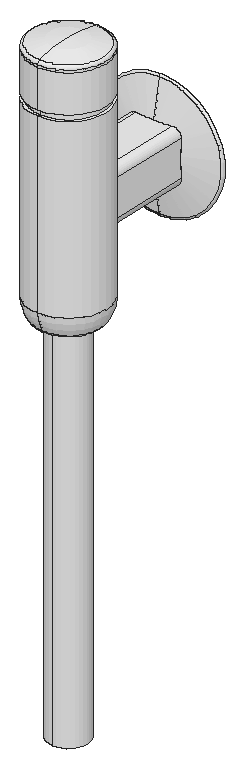
Revit family "PRD_FrankeWS_UrnlFlshngVlvs_SelfClosingUrinalFlushValve_AQRM460", category Plumbing Fixtures, Revit 2018
Family settings
  Round Connector Dimension = Use Diameter
  Part Type = Normal
  OmniClass Number = 23.45.05.14.99
  OmniClass Title = Other Sanitary Washing Plumbing Fixtures
  Work Plane-Based = No
  Always vertical = Yes
  Cut with Voids When Loaded = No
  Shared = No
  Room Calculation Point = No
Parameters (values of type "AQRM460")
  WarrantyStartDate [instance] = "1900-12-31T23:59:59"
  WarrantyGuarantorParts = "n/a"
  WarrantyGuarantorLabor = "n/a"
  WarrantyDurationUnit = "year"
  WarrantyDurationParts = "n/a"
  WarrantyDurationLabor = "n/a"
  WarrantyDescription = "n/a"
  Version = "1"
  Uniclass2015Version = "Products v1.7"
  Uniclass2015Title = "Urinal flushing valves"
  Uniclass2015Code = "Pr_40_20_93_79"
  URL = "www.kwc.com"
  ThirdPartyCertification = "n/a"
  TagNumber [instance] = "n/a"
  SustainabilityPerformance = "n/a"
  Standard = "n/a"
  Size = "n/a"
  Shape = "n/a"
  SerialNumber [instance] = "n/a"
  Revision = "n/a"
  ReplacementCost = "n/a"
  ProductInformation = "https://pim.kwc.com/product/2000065995/attachment/datasheet?locale=en"
  OperatingControl = "Push"
  NominalWidth = 0 mm
  NominalLength = 0 mm
  NominalHeight = 0 mm
  NetWeight = 0.60 kg
  Name = "Urinal flush valve AQRM460"
  NBSTypeID = "n/a"
  NBSReference = "45-35-70/355"
  NBSOfficeMasterTag = "n/a"
  NBSNote = "n/a"
  NBSDescription = "Urinal flushing valves"
  NBSCertification = "n/a"
  ModelReference = "AQRM460"
  ModelNumber = "2000065995"
  Model = ModelReference  # "AQRM460"
  MaterialsFinishAndColour = "n/a"
  MaterialsBody = "n/a"
  Material = "n/a"
  ManufacturerURL = "www.kwc.com"
  ManufacturerName = "KWC Group AG"  # constant formula
  Manufacturer = ManufacturerName  # "KWC Group AG"
  IsHighPressure = no
  IntegralAccessories = "n/a"
  InstallationDate [instance] = "1900-12-31T23:59:59"
  IfcExportType = "FLUSHING"
  IfcExportAs = "IfcValveType"
  HasIntegralShutOffDevice = yes
  GrossWeight = 0.65 kg
  Grade = "n/a"
  FlushingRate = 0.0 L/s
  FlushVolume = "n/a"
  FlushValveMaterial = PRD_AR_ChromatedBrass_HighPolished
  Finish = "n/a"
  Features = "n/a"
  ExpectedLife = "n/a"
  DurationUnit = "year"
  Description = "AQUALINE urinal flush valve DN 15 for surface installation, flushing quantity and volume flow adjustable, with lockable water quantity regulator, inlet pipe and connector, polished chromium-plated brass, push cap and screw fitting in chromium-plated plastic."
  Constituents = "n/a"
  Color = "Chrome"
  CodePerformance = "n/a"
  Category = "Pr_40_20_93_79, Urinal flushing valves"
  BarCode [instance] = "n/a"
  BIMObjectName = "PRD_AR_UrinalFlushingValves_SelfClosingUrinalFlushValve_AQRM460"
  Author = "Archispace"  # constant formula
  AssetType = "Fixed"
  AssetIdentifier [instance] = "n/a"
  AccessibilityPerformance = "n/a"
Reference planes
  plane 1 "Center (Front/Back)": y = 0
  plane 2: z = 0
  plane 3 "Center (Left/Right)": x = 0
Forms (mm)
  Revolve 1, solid, material "PRD_AR_ChromatedBrass_HighPolished" <- "FlushValveMaterial", detail levels fine
    sketch origin (0, 0, 0) x (0, 1, 0) y (0, 0, 1)
      loop
        arc (-38.151, 67.286) -> (-46.489, 69.093) -> (-55, 69.7) r 60
        line (-55, 69.7) -> (-55, -227) -> (-46, -227) -> (-46, -49) -> (-40.779, -49)
        arc (-40.779, -49) -> (-40.305, -48.88) -> (-39.944, -48.55) r 1
        arc (-39.944, -48.55) -> (-37.863, -44.223) -> (-37, -39.5) r 18
        line (-37, -39.5) -> (-37, 44) -> (-38.5, 44) -> (-38.5, 46.7) -> (-37, 46.7) -> (-37, 64.7) -> (-37, 65.75)
        arc (-37, 65.75) -> (-37.32, 66.709) -> (-38.151, 67.286) r 1.6
      axis (-55, -227) -> (-55, 69.7)
    angle from 0 to 360
  Revolve 2, solid, material "PRD_AR_ChromatedBrass_HighPolished" <- "FlushValveMaterial", detail levels fine
    sketch origin (0, 0, 0) x (0, 1, 0) y (0, 0, 1)
      loop
        arc (0, 30) -> (-0.625, 29.781) -> (-0.976, 29.219) r 1
        line (-0.976, 29.219) -> (-5, 11.283) -> (-5, 0) -> (0, 0) -> (0, 30)
      axis (-5, 0) -> (0, 0)
    angle from 0 to 360
  Extrusion 3, solid, material "PRD_AR_ChromatedBrass_HighPolished" <- "FlushValveMaterial", detail levels fine
    sketch origin (0, 0, 0) x (1, 0, 0) y (0, 0, 1)
      loop
        arc (-8.5, 12.5) -> (-11.328, 11.328) -> (-12.5, 8.5) r 4
        line (-12.5, 8.5) -> (-12.5, -8.5)
        arc (-12.5, -8.5) -> (-11.328, -11.328) -> (-8.5, -12.5) r 4
        line (-8.5, -12.5) -> (8.5, -12.5)
        arc (8.5, -12.5) -> (11.328, -11.328) -> (12.5, -8.5) r 4
        line (12.5, -8.5) -> (12.5, 8.5)
        arc (12.5, 8.5) -> (11.328, 11.328) -> (8.5, 12.5) r 4
        line (8.5, 12.5) -> (-8.5, 12.5)
    from 0 to 56.435
  Revolve 4, solid, material "PRD_AR_ChromatedBrass_HighPolished" <- "FlushValveMaterial", detail levels coarse+medium
    sketch origin (0, 0, 0) x (0, 1, 0) y (0, 0, 1)
      loop
        line (-46, -49) -> (-37, -49) -> (-37, 69.7) -> (-55, 69.7) -> (-55, -227) -> (-46, -227) -> (-46, -49)
      axis (-55, -227) -> (-55, 69.7)
    angle from 0 to 360
  Extrusion 5, solid, material "PRD_AR_ChromatedBrass_HighPolished" <- "FlushValveMaterial", detail levels coarse+medium
    sketch origin (0, 0, 0) x (1, 0, 0) y (0, 0, 1)
      loop
        line (-12.5, 12.5) -> (-12.5, -12.5) -> (12.5, -12.5) -> (12.5, 12.5) -> (-12.5, 12.5)
    from 0 to 57.179
Cuts and joins
  joined: Revolve 1, Revolve 2, Extrusion 3
  joined: Revolve 4, Extrusion 5
Dimensions and locks
  aligned and locked: level to plane 2
Connectors
  piping at (0, 0, 0), diameter 12.7
    settings: on cut or joined group of Revolve 1, Revolve 2, Extrusion 3, index 1, connector inside diameter 24", connector length 0 mm, flow factor 0, pipe flow 0.0 L/s, pressure drop 0.0 Pa, fitting loss kfactor 0, connector angle 0.00°, fixture units 0, engagement length 0 mm, angle of deflection 0.00°, flow configuration 1, flow direction 1, fitting loss method 0, system type 20, joint type 0, gender type 0, connector reference index -1, connector utility 0, adjustable connector no, is connector primary yes, connector description ""
